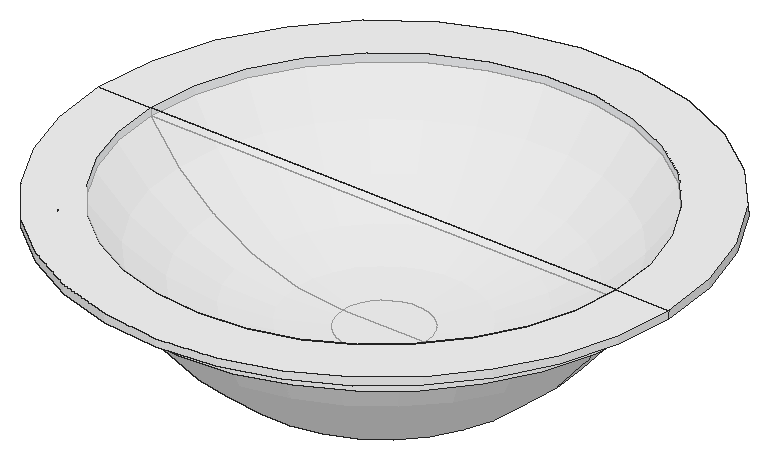
Revit family "0030337 Sylvania Lighting Fixture START Downlight 205 IP44 DALI 2100Lm 840", category Lighting Fixtures, host Face, Revit 2016
Family settings
  Host = Face
  Part Type = Normal
  Round Connector Dimension = Use Diameter
  OmniClass Number = 23.80.70.00
  OmniClass Title = Lighting
  Cut with Voids When Loaded = No
  Light Source = Yes
  Shared = No
  Room Calculation Point = No
Parameters (values of type "0030337 ST DOWNLIGHT 205 IP44 DALI 2100LM 840")
  Weight = "9.084 kg"
  Wattage Comments = ""
  Wattage = 20 W
  WarrantyStartDate [instance] = "n/a"
  WarrantyGuarantorParts = "n/a"
  WarrantyDurationUnit = "n/a"
  WarrantyDurationParts = "n/a"
  WarrantyDescription = "n/a"
  built-in parameter 1150110 = 1 (stored number, unit not read)
  Voltage = 230 V
  URL = "http://www.sylvania-lighting.com"
  TypeName = "START Downlight 205 IP44 DALI 2100Lm 840"
  Type Image = <None>
  Type Comments = "n/a"
  built-in parameter 1114217 = 1 (stored number, unit not read)
  Tilt Angle = -90.00°
  built-in parameter 1150109 = 1 (stored number, unit not read)
  built-in parameter 1150134 = 12
  built-in parameter 1150113 = 1 (stored number, unit not read)
  SerialNumber [instance] = "n/a"
  S_SYL = no
  RadiusTop_SYL = if(S_SYL, 80 mm, if(M_SYL, 100 mm, if(L_SYL, 120 mm, 120 mm)))  # 120 mm
  Photometric Web File = "0030337.ies"
  Material_3_FEILO = Top-Sylvania-STARTDownlight
  PowerFactor = 0.9
  PowerConsumption = "20 W"
  NominalLength = 220 mm
  NominalHeight = 60 mm
  NominalDepth = 220 mm
  Name = "START Downlight 205 IP44 DALI 2100Lm 840"
  ModelReference = Name  # "START Downlight 205 IP44 DALI 2100Lm 840"
  ModelNumber = "0030337"
  Model = Name  # "START Downlight 205 IP44 DALI 2100Lm 840"
  Material = "aluminium housing, polycarbonate diffuser"
  ManufacturerName = "Feilo Sylvania"
  Manufacturer = "Feilo Sylvania"
  M_SYL = no
  LuminousEfficacy = "99.86 lm/W"
  built-in parameter 1150105 = 1053.4 (stored number, unit not read)
  Lumens = 1997.38 lm
  LuminaireType = ""
  built-in parameter 1150115 = 1 (stored number, unit not read)
  LightOutputRatio = "100"
  built-in parameter 1150137 = (empty or 0)
  built-in parameter 1150139 = (empty or 0)
  LampsType = Lamp  # "LED"
  LampNominalLuminous = "1997 lm"
  LampMacAdamStep = "5"
  LampColourTemperature = "4000 K"
  LampColourRenderingIndex = "80"
  built-in parameter 1150112 = 1 (stored number, unit not read)
  built-in parameter 1150114 = 1 (stored number, unit not read)
  Lamp = "LED"
  L_SYL = yes
  Keynote = "16500"
  InstallationDate [instance] = "n/a"
  InputVoltage = "220-240V~"
  InputNominalFrequency = "50/60 Hz"
  built-in parameter 1150132 = (empty or 0)
  built-in parameter 1150102 = (empty or 0)
  built-in parameter 1150107 = 4000 (stored number, unit not read)
  built-in parameter 1150138 = (empty or 0)
  IngressProtection = "IP20/44"
  ImpactProtectionIndex = "IK07"
  built-in parameter 1150106 = 10.534 (stored number, unit not read)
  IfcExportType = "IfcLightFixtureType"
  IfcExportAs = "IfcLightFixtureType"
  Height_SYL = if(S_SYL, 41 mm, if(M_SYL, 47 mm, if(L_SYL, 56 mm, 62 mm)))  # 56 mm
  ExpectedLife = 50000
  Emit from Circle Diameter = Diameter_SYL - 40 mm  # 180 mm
  Emit Shape Visible in Rendering = no
  ElectricShockClassification = "Class II"
  built-in parameter 1150104 = 9.2781 (stored number, unit not read)
  DurationUnit = "hours"
  DocumentationLiterature = "http://www.sylvania-lighting.com/product/en-int/products/0030337"
  DimmingControlOptions = "Dimmable"
  Material_2_FEILO = Diffuser-Sylvania-STARTDownlight
  Dimming Lamp Color Temperature Shift = <None>
  Diameter_SYL = if(S_SYL, 164 mm, if(M_SYL, 193 mm, if(L_SYL, 220 mm, 240 mm)))  # 220 mm
  DiameterTop_SYL = if(S_SYL, 77 mm, if(M_SYL, 81 mm, if(L_SYL, 104 mm, 105 mm)))  # 104 mm
  DiameterRecess_SYL = if(S_SYL, 141 mm, if(M_SYL, 169 mm, if(L_SYL, 198 mm, 216 mm)))  # 198 mm
  Description = ""
  Default Elevation = 1219.2 mm
  CreatedOn = "8/1/2018"
  CreatedBy = "@sylvania-lighting.com"
  Cost = 0
  Color Filter = 16777215
  built-in parameter 1114216 [instance] = (empty or 0)
  ClassificationValue = "EF_70_80"
  ClassificationName = "Uniclass2015"
  Material_1_FEILO = Trim-Sylvania-STARTDownlight-White
  BarCode [instance] = "n/a"
  built-in parameter 1114218 = 1 (stored number, unit not read)
  built-in parameter 1150133 = 10 (stored number, unit not read)
  AssetType = "Fixed"
  AssetIdentifier [instance] = "n/a"
  Assembly Code = "D5020200"
  Apparent Load = 20 VA
  Material_4_FEILO = LED-Sylvania-STARTDownlight
Reference planes
  plane 1 "Center (Front/Back)": y = 0
  plane 2: z = 0
  plane 3 "Center (Left/Right)": x = 0
  plane 4: x = 110
  plane 5: x = -110
  plane 6: z = 3
  plane 7: z = -8
  plane 8: z = -51
  plane 9: z = -53
  plane 10: x = -99
  plane 11: x = 99
  plane 12: x = -52
  plane 13: x = 52
  plane 14: x = -90
  plane 15: x = 90
  plane 16: z = -85
  plane 17: x = -90
  plane 18: z = 2
  plane 19: z = -41
  plane 20: x = -16
Forms (mm)
  Revolve 1, solid
    sketch origin (0, 0, 0) x (1, 0, 0) y (0, 0, 1)
      loop
        line (-110, 3) -> (-110, 0) -> (-99, 0) -> (-99, -8) -> (-90, -8)
        arc (-90, -8) -> (-73.608, -31.805) -> (-52, -51) r 120
        line (-52, -51) -> (0, -51) -> (0, -41) -> (-16, -41)
        arc (-16, -41) -> (-58.3, -30.065) -> (-90, 0) r 87.28
        line (-90, 0) -> (-90, 3) -> (-110, 3)
      axis (0, 3) -> (0, -51)
    angle from 360 to 0
  Revolve 2, void
    sketch origin (0, 0, 0) x (1, 0, 0) y (0, 0, 1)
      loop
        line (0, 0) -> (-99, 0) -> (-99, -85) -> (0, -85) -> (0, 0)
      axis (0, 0) -> (0, -85)
    angle from 360 to 0
  Revolve 3, solid, material "Diffuser-Sylvania-STARTDownlight" <- "Material_2_FEILO"
    sketch origin (0, 0, 0) x (1, 0, 0) y (0, 0, 1)
      loop
        line (-90, 3) -> (-90, 0) -> (0, 0) -> (0, 3) -> (-90, 3)
      axis (0, 3) -> (0, 0)
    angle from 360 to 0
Dimensions and locks
  equal spacing: plane 4, plane 3 "Center (Left/Right)", plane 5
  "Diameter_SYL": plane 4 to plane 5
  equal spacing: plane 11, plane 3 "Center (Left/Right)", plane 10
  equal spacing: plane 13, plane 3 "Center (Left/Right)", plane 12
  "DiameterTop_SYL": plane 13 to plane 12
  equal spacing: plane 15, plane 3 "Center (Left/Right)", plane 14
  locked: plane 6 to plane 2 at 3
  "Height_SYL": plane 6 to plane 9
  locked: plane 8 to plane 9 at 2
  locked: plane 2 to plane 7 at 8
  locked: plane 2 to plane 16 at 85
  locked: plane 17 to plane 5 at 20
  locked: plane 6 to plane 18 at 1
  "DiameterRecess_SYL": plane 11 to plane 10
  locked: plane 19 to plane 8 at 10
  locked: plane 3 "Center (Left/Right)" to plane 20 at 16
  locked: plane 14 to plane 5 at 20
  "RadiusTop_SYL": radius of Revolve 1 sketch curve
  aligned and locked: plane 2 to host face
  aligned and locked: level to host face
  aligned and locked: Revolve 1 sketch curve to plane 5
  aligned and locked: Revolve 1 sketch curve to level
  aligned and locked: plane 7 to Revolve 1 sketch curve
  aligned and locked: Revolve 1 sketch curve to plane 10
  aligned and locked: plane 14 to Revolve 1 sketch curve
  aligned and locked: plane 3 "Center (Left/Right)" to Revolve 1 sketch curve
  aligned and locked: Revolve 1 sketch curve to plane 8
  aligned and locked: Revolve 1 sketch curve to plane 3 "Center (Left/Right)"
  aligned and locked: Revolve 2 sketch curve to plane 3 "Center (Left/Right)"
  aligned and locked: plane 3 "Center (Left/Right)" to Revolve 2 sketch curve
  aligned and locked: Revolve 2 sketch curve to plane 10
  aligned and locked: plane 16 to Revolve 2 sketch curve
  aligned and locked: Revolve 1 sketch curve to plane 6
  aligned and locked: plane 19 to Revolve 1 sketch curve
  aligned and locked: plane 20 to Revolve 1 sketch curve
  aligned and locked: Revolve 1 sketch curve to Revolve 1 sketch curve
  aligned and locked: plane 17 to Revolve 1 sketch curve
  aligned and locked: plane 2 to Revolve 1 sketch curve
  aligned and locked: Revolve 3 sketch curve to plane 3 "Center (Left/Right)"  (x2)
  aligned and locked: plane 3 "Center (Left/Right)" to imposter light
  aligned and locked: imposter light to plane 18
  aligned and locked: imposter light to plane 1 "Center (Front/Back)"
  aligned and locked: plane 14 to Revolve 3 sketch curve
Automatic sketch dimensions
  host sketch curve to host sketch curve = 2438.4 mm  (x2)
  plane 16 to Revolve 2 sketch curve = 524.6 mm
  Revolve 2 sketch curve to plane 6 = 2606.058 mm
  Revolve 1 sketch curve to plane 12 = 0 mm
  plane 16 to Revolve 1 sketch curve = 524.6 mm
  Revolve 1 sketch curve to Revolve 1 sketch curve = 2581.366 mm
  Revolve 2 sketch curve to level = 0 mm
  Revolve 3 sketch curve to plane 6 = 0 mm
  Revolve 3 sketch curve to level = 0 mm
  plane 16 to Revolve 3 sketch curve = 524.6 mm
  Revolve 3 sketch curve to Revolve 3 sketch curve = 2606.058 mm
Connectors
  electrical at (0, 0, 0), driven by "Apparent Load", driven by "PowerFactor", driven by "Voltage"
    settings: index 1, voltage 230 V, apparent load 20 VA, apparent load phase1 0 VA, apparent load phase2 0 VA, apparent load phase3 0 VA, power factor 0.9, load classification "Lighting", number of poles 1, system type 30, power factor state 1, is connector primary yes, connector utility no, sub classification motor no, connector description ""
